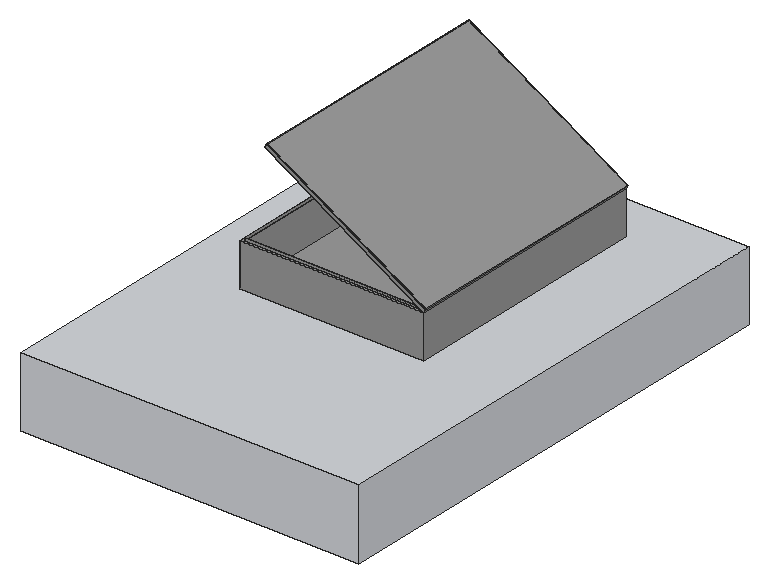
Revit family "Hager-Univers-IP44-D205-H1100-Cl.I-Encl-AT-de", category Equipement électrique, Revit 2020
Family settings
  Hôte = Face
  Configuration du panneau = Deux colonnes, circuits au sein
  Cote de connecteur circulaire = Utiliser le diamètre
  Type d'élément = Tableau de raccordement
  Couper avec des vides une fois chargée = Non
  Partagée = Non
  Point de calcul de pièce = Non
Parameters (values of type "Aufputz IP44 B800 H1100 T205  - FP73TN2")
  Width Control [instance] = if([EF000008 - Breite] > Min Width, [EF000008 - Breite], Min Width)  # 800 mm
  Commentaires du type = [HG000003 - Bereich]  # "Univers"
  Thickness Door [instance] = if([EF009171 - Materialstärke Tür/Deckel] > 3 mm, 3 mm, [EF009171 - Materialstärke Tür/Deckel])  # 1 mm
  Seal Frame Offset [instance] = 17 mm  # constant formula
  Plinth Visibility [instance] = [HG000027 - Sockelhöhe] > 0 mm  # no
  Model = ""
  Min Width [instance] = 100 mm  # constant formula
  Min Height [instance] = 100 mm  # constant formula
  Min Depth [instance] = (2 * [EF009170 - Materialstärke Gehäuse]) + 1 mm  # 3 mm
  Internal Frame Depth [instance] = (Door System Depth * 0.5)  # 9 mm
  Height Control [instance] = if([EF000040 - Höhe] > Min Height, [EF000040 - Höhe], Min Height)  # 1100 mm
  HG000027 - Sockelhöhe = 0 mm
  HG000026 - Stehend auf dem Boden = no
  HG000024 - Höhe des unteren Teils = 800 mm
  HG000023 - Gehäuse mit doppeltem Querschnitt = no
  HG000016 - 3D-Türsichtbarkeit [instance] = yes
  HG000015 - Sichtbarkeit der Türöffnung [instance] = no
  HG000014 - Tür rechts [instance] = yes
  HG000013 - Tür links [instance] = not([HG000014 - Tür rechts])  # no
  HG000012 - Türschwenkwinkel [instance] = 30.00°
  HG000010 - Asymmetrische Türen = no
  HG000009 - Doppelflügeligen Tür = no
  HG000006 - Unterputz = no
  HG000004 - Herstellerreferenz = "FP73TN2"
  HG000003 - Bereich = "Univers"
  HG000002 - Mit tür = yes
  Frame Offset Bottom [instance] = 10 mm  # constant formula
  Frame Offset [instance] = 15 mm  # constant formula
  EF015940 - Deckel mit Überdruckentlastung = no
  EF011959 - Schutzart (NEMA) = ""
  EF009554 - Anzahl der Öffnungen für Flanschplatten = 6
  Fabricant = "Hager"  # constant formula
  EF009212 - Ausführung Deckel = "EV000116 - geschlossen"
  EF009171 - Materialstärke Tür/Deckel = 1 mm
  EF009170 - Materialstärke Gehäuse = 1 mm
  EF008873 - Nennstrom (In) = 250 A
  EF007800 - Geeignet für Blitzschutz = no
  EF006306 - Mit Schloss = no
  EF006244 - Transparenter Deckel/Tür = no
  EF005474 - Schutzart (IP) = "EV006418 - IP44"
  EF004464 - Art der Tür = "EV002646 - Einzel"
  EF004427 - Anzahl der Module = 252
  EF004293 - Schlagfestigkeit = "EV006815 - IK09"
  EF003532 - Geeignet für Außengebrauch = no
  EF002950 - Breite in Teilungseinheiten = 36
  EF001613 - Funktionserhalt = "EV000494 - ohne"
  EF001596 - Werkstoff des Gehäuses = "EV000179 - Stahl"
  EF001131 - Innentiefe = 130 mm
  EF001088 - Anbaumöglichkeit = yes
  EF000437 - Anzahl der Leitungseinführungen = 6
  EF000339 - Art der Abdeckung = "EV001012 - Deckel"
  EF000266 - Anzahl der Reihen = 7
  EF000218 - Einbautiefe = 205 mm
  EF000118 - Mit Montageplatte = no
  EF000116 - RAL-Nummer = "9010"
  EF000049 - Tiefe = 205 mm
  EF000040 - Höhe = 1100 mm
  EF000008 - Breite = 800 mm
  EF000007 - Farbe = "EV000202 - weiß"
  EF000003 - Montageart = "EV000384 - Aufputz"
  Door System Leaf Tolerance [instance] = 1.5 mm  # constant formula
  Door System Depth [instance] = 18 mm  # constant formula
  Door Height [instance] = Height Control - [HG000027 - Sockelhöhe]  # 1100 mm
  Depth Control [instance] = if([EF000049 - Tiefe] > Min Depth, [EF000049 - Tiefe], Min Depth)  # 205 mm
  Default Elevation = 0 mm
  Connector Offset [instance] = Height Control / 2  # 550 mm
  Bottom Top Plate Trim [instance] = 1.5 mm  # constant formula
  Plinth height Ctrl [instance] = if([HG000027 - Sockelhöhe] > 0 mm, [HG000027 - Sockelhöhe], 12 mm)  # 12 mm
Types (4, lengths in mm): name | Width Control | HG000010 - Asymmetrische Türen | HG000009 - Doppelflügeligen Tür | HG000004 - Herstellerreferenz | EF009554 - Anzahl der Öffnungen für Flanschplatten | EF004464 - Art der Tür | EF004427 - Anzahl der Module | EF002950 - Breite in Teilungseinheiten | EF000437 - Anzahl der Leitungseinführungen | EF000008 - Breite
  Aufputz IP44 B1050 H1100 T205  - FP74TN2 | 1050 | no | yes | "FP74TN2" | 8 | "EV003602 - Doppel" | 336 | 48 | 8 | 1050
  Aufputz IP44 B1300 H1100 T205  - FP75TN2 | 1300 | yes | yes | "FP75TN2" | 10 | "EV003602 - Doppel" | 420 | 60 | 10 | 1300
  Aufputz IP44 B550 H1100 T205  - FP72TN2 | 550 | no | no | "FP72TN2" | 4 | "EV002646 - Einzel" | 168 | 24 | 4 | 550
  Aufputz IP44 B800 H1100 T205  - FP73TN2 | 800 | no | no | "FP73TN2" | 6 | "EV002646 - Einzel" | 252 | 36 | 6 | 800
Reference planes
  plane 1 "Center (Front/Back)": y = 0
  plane 2: z = 0
  plane 3 "Center (Left/Right)": x = 0
  plane 4: z = 205
  plane 5: y = 1
  plane 6: y = 550
  plane 7: y = 0
  plane 8: y = 1100
  plane 9: z = 0
  plane 10: x = -385
  plane 11: x = 385
  plane 12: x = 384
  plane 13: x = -384
  plane 14: y = 1099
  plane 15: x = -383
  plane 16: x = -400
  plane 17: x = 383
  plane 18: x = 400
  plane 19: x = 399
  plane 20: x = -399
  plane 21: y = 11
  plane 22: y = 1100
  plane 23: y = 1084
  plane 24: z = 187
  plane 25: z = 1
  plane 26: z = 186
  plane 27: z = 204
Forms (mm)
  Extrusion 1, solid
    sketch origin (0, 0, 0) x (1, 0, 0) y (0, 1, 0)
      loop
        line (-702.964, 1305) -> (-702.964, -811.445) -> (766.763, -811.445) -> (766.763, 1305) -> (-702.964, 1305)
    from 0 to -304.8
  Extrusion 2, solid, material "Hager_Steel_RAL7035_Light_Grey", visible <- "Plinth Visibility", detail levels medium+fine
    sketch origin (0, 0, 0) x (1, 0, 0) y (0, 1, 0)
      loop
        line (-400, 0) -> (400, 0) -> (400, 12) -> (-400, 12) -> (-400, 0)
    from 0 to 187
  Extrusion 3, solid, material "Hager_Steel_RAL7035_Light_Grey", detail levels medium+fine
    sketch origin (0, 0, 0) x (1, 0, 0) y (0, 1, 0)
      loop
        line (-400, 0) -> (400, 0) -> (400, 1100) -> (-400, 1100) -> (-400, 0)
    from 0 to 187
  Extrusion 4, void
    sketch origin (0, 0, 0) x (1, 0, 0) y (0, 1, 0)
      loop
        line (-399, 1) -> (399, 1) -> (399, 1099) -> (-399, 1099) -> (-399, 1)
    from 1 to 186
  Extrusion 5, void
    sketch origin (-381.607, -4572, 187) x (0, -1, 0) y (-1, 0, 0)
      loop
        line (-4583, 2.393) -> (-5656, 2.393) -> (-5656, -765.607) -> (-4583, -765.607) -> (-4583, 2.393)
    from 0 to 1 <- "EF009170 - Materialstärke Gehäuse"
  Extrusion 6, solid, material "Hager_Steel_RAL7035_Light_Grey", detail levels fine
    sketch origin (0, 0, 187) x (1, 0, 0) y (0, 1, 0)
      loop
        line (-384, 1084) -> (-384, 11) -> (384, 11) -> (384, 1084) -> (-384, 1084)
      loop
        line (-385, 10) -> (385, 10) -> (385, 1085) -> (-385, 1085) -> (-385, 10)
    from 0 to 9 <- "Internal Frame Depth"
  Extrusion 7, solid, material "Hager_Steel_RAL7035_Light_Grey", detail levels coarse
    sketch origin (0, 0, 0) x (1, 0, 0) y (0, 1, 0)
      loop
        line (-400, 0) -> (400, 0) -> (400, 1100) -> (-400, 1100) -> (-400, 0)
    from 0 to 205
  Sweep 8, void
    path in 3D
      loop
        line (-400, 12, 0) -> (400, 12, 0) -> (400, 12, 187) -> (-400, 12, 187) -> (-400, 12, 0)
    profile origin (-400, 12, 93.5) x (-1, 0, 0) y (0, -1, 0)
      loop
        line (0, 0) -> (0, 1.5) -> (-1.5, 1.5)
        arc (-1.5, 1.5) -> (-1.061, 0.439) -> (0, 0) r 1.5
Cuts and joins
  Extrusion 4, Extrusion 5 cuts Extrusion 3
  Sweep 8 cuts Extrusion 2
Lines and regions (mm)
  Masking region 1
    outline origin (0, 0, 0) x (1, 0, 0) y (0, 0, 1)
      loop
        line (-400, 205) -> (-400, 0) -> (400, 0) -> (400, 205) -> (-400, 205)
  Masking region 2, detail levels medium+fine
    outline origin (0, 140, 0) x (0, 1, 0) y (0, 0, 1)
      loop
        line (-140, 0) -> (960, 0) -> (960, 187) -> (-140, 187) -> (-140, 0)
  Masking region 3, not visible, detail levels medium+fine
    outline origin (0, 297.922, 0) x (0, 1, 0) y (0, 0, 1)
      loop
        line (263.578, 0) -> (303.578, 0) -> (303.578, 194)
        arc (303.578, 194) -> (300.649, 201.071) -> (293.578, 204) r 10
        line (293.578, 204) -> (263.578, 204) -> (263.578, 0)
  Masking region 4, detail levels coarse
    outline origin (0, 0, 180) x (0, 1, 0) y (0, 0, 1)
      loop
        line (0, -180) -> (1100, -180) -> (1100, 25) -> (0, 25) -> (0, -180)
  Masking region 5, visible <- "Plinth Visibility", detail levels medium+fine
    outline origin (0, 52.24, 12.345) x (0, 0, -1) y (0, 1, 0)
      loop
        line (10.845, -40.24) -> (-173.155, -40.24)
        arc (-173.155, -40.24) -> (-173.594, -41.301) -> (-174.655, -41.74) r 1.5
        line (-174.655, -41.74) -> (-174.655, -52.24) -> (12.345, -52.24) -> (12.345, -41.74)
        arc (12.345, -41.74) -> (11.285, -41.301) -> (10.845, -40.24) r 1.5
  Masking region 6, detail levels medium+fine
    outline origin (-381.607, -4572, 187) x (-1, 0, 0) y (0, -1, 0)
      loop
        line (18.393, -5672) -> (18.393, -4572) -> (-781.607, -4572) -> (-781.607, -5672) -> (18.393, -5672)
  Masking region 7, visible <- "Plinth Visibility", detail levels medium+fine
    outline origin (-381.607, -4727, 187) x (-1, 0, 0) y (0, -1, 0)
      loop
        arc (16.893, -4739) -> (17.332, -4737.939) -> (18.393, -4737.5) r 1.5
        line (18.393, -4737.5) -> (18.393, -4727) -> (-781.607, -4727) -> (-781.607, -4737.5)
        arc (-781.607, -4737.5) -> (-780.546, -4737.939) -> (-780.107, -4739) r 1.5
        line (-780.107, -4739) -> (16.893, -4739)
  Masking region 8, detail levels coarse
    outline origin (-442.548, -4669.526, 187) x (-1, 0, 0) y (0, -1, 0)
      loop
        line (-42.548, -5769.526) -> (-42.548, -4669.526) -> (-842.548, -4669.526) -> (-842.548, -5769.526) -> (-42.548, -5769.526)
  sketch lines
    curve 1: line (-400, 12, 187) -> (-400, 12, 0)
    curve 2: line (400, 12, 187) -> (-400, 12, 187)
    curve 3: line (400, 12, 187) -> (400, 12, 0)
    curve 4: line (-400, 12, 0) -> (400, 12, 0)
Dimensions and locks
  "Depth Control": plane 4 to Extrusion 1
  "HG000027 - Sockelhöhe": plane 1 "Center (Front/Back)" to plane 7
  "EF009170 - Materialstärke Gehäuse": plane 5 to plane 7
  locked: connector elem to plane 3 "Center (Left/Right)"
  equal spacing: plane 8, plane 6, plane 7
  locked: connector elem to plane 6
  "EF009170 - Materialstärke Gehäuse": plane 8 to plane 14
  "EF009170 - Materialstärke Gehäuse": plane 10 to plane 13
  "EF009170 - Materialstärke Gehäuse": plane 12 to plane 11
  "Frame Offset": plane 20 to plane 13
  "Frame Offset": plane 12 to plane 19
  "EF009170 - Materialstärke Gehäuse": plane 16 to plane 20
  "EF009170 - Materialstärke Gehäuse": plane 19 to plane 18
  "Seal Frame Offset": plane 16 to plane 15
  "Seal Frame Offset": plane 17 to plane 18
  "Frame Offset Bottom": plane 21 to plane 5
  "Frame Offset": plane 14 to plane 23
  equal spacing: plane 16, plane 3 "Center (Left/Right)", plane 18
  "Width Control": plane 16 to plane 18
  "EF009170 - Materialstärke Gehäuse": plane 4 to plane 27
  "EF009170 - Materialstärke Gehäuse": plane 24 to plane 26
  "EF009170 - Materialstärke Gehäuse": plane 25 to level
  "Door System Depth": plane 4 to plane 24
  "Height Control": plane 1 "Center (Front/Back)" to Extrusion 7 sketch curve
  "Height Control": Masking region 4 sketch curve to plane 1 "Center (Front/Back)"
  "Height Control": plane 1 "Center (Front/Back)" to plane 22
  "Bottom Top Plate Trim": profile plane to Sweep 8 sketch curve
  "Bottom Top Plate Trim": Sweep 8 sketch curve to profile plane
  "Plinth height Ctrl": plane 1 "Center (Front/Back)" to Extrusion 2 sketch curve
  "Plinth height Ctrl": Masking region 5 sketch curve to plane 1 "Center (Front/Back)"
  "Plinth height Ctrl": plane 1 "Center (Front/Back)" to Masking region 7 sketch curve
  "Thickness Door": Extrusion 6 sketch curve to Extrusion 6 sketch curve  (x3)
  "Thickness Door": cut or joined group of Extrusion 3, Extrusion 4, Extrusion 5 to Extrusion 6 sketch curve
  radius of Masking region 3 sketch curve = 10 mm
  "Bottom Top Plate Trim": radius of Masking region 5 sketch curve  (x2)
  "Bottom Top Plate Trim": radius of Sweep 8 sketch curve
  "Bottom Top Plate Trim": radius of Masking region 7 sketch curve  (x2)
  aligned and locked: plane 2 to Extrusion 1
  aligned and locked: level to Extrusion 1
  aligned and locked: level to Masking region 1 sketch curve
  aligned and locked: Masking region 1 sketch curve to plane 18
  aligned and locked: Masking region 1 sketch curve to plane 16
  aligned and locked: plane 7 to Masking region 2 sketch curve
  aligned and locked: level to Masking region 3 sketch curve
  aligned and locked: Masking region 3 sketch curve to plane 27
  aligned and locked: level to Masking region 2 sketch curve
  aligned and locked: plane 1 "Center (Front/Back)" to Extrusion 2 sketch curve
  aligned and locked: Extrusion 3 sketch curve to plane 7
  aligned and locked: plane 16 to Extrusion 3 sketch curve
  aligned and locked: plane 18 to Extrusion 3 sketch curve
  aligned and locked: plane 20 to Extrusion 4 sketch curve
  aligned and locked: plane 19 to Extrusion 4 sketch curve
  aligned and locked: Extrusion 4 sketch curve to plane 5
  aligned and locked: Extrusion 4 to plane 25
  aligned and locked: plane 26 to Extrusion 4
  aligned and locked: plane 24 to Extrusion 3
  aligned and locked: Extrusion 5 sketch curve to plane 21
  aligned and locked: Extrusion 5 sketch curve to plane 13
  aligned and locked: Extrusion 5 sketch curve to plane 12
  aligned and locked: plane 18 to Extrusion 7 sketch curve
  aligned and locked: plane 1 "Center (Front/Back)" to Extrusion 7 sketch curve
  aligned and locked: plane 16 to Extrusion 7 sketch curve
  aligned and locked: plane 4 to Extrusion 7
  aligned and locked: Extrusion 7 to level
  aligned and locked: level to Masking region 4 sketch curve
  aligned and locked: Masking region 4 sketch curve to plane 1 "Center (Front/Back)"
  aligned and locked: Masking region 4 sketch curve to plane 4
  aligned and locked: nested 1 to level
  aligned and locked: nested 1 to plane 16
  aligned and locked: plane 8 to Extrusion 3 sketch curve
  aligned and locked: plane 23 to Extrusion 5 sketch curve
  aligned and locked: plane 14 to Extrusion 4 sketch curve
  aligned and locked: Masking region 2 sketch curve to plane 8
  aligned and locked: level to Masking region 5 sketch curve
  aligned and locked: plane 16 to Extrusion 2 sketch curve
  aligned and locked: plane 18 to Extrusion 2 sketch curve
  aligned and locked: Masking region 5 sketch curve to plane 24
  aligned and locked: Masking region 2 sketch curve to plane 24
  aligned and locked: plane 24 to Extrusion 2
  aligned and locked: profile plane to Sweep 8 sketch curve  (x2)
  aligned and locked: Masking region 6 sketch curve to plane 18
  aligned and locked: Masking region 6 sketch curve to plane 22
  aligned and locked: Masking region 6 sketch curve to plane 16
  aligned and locked: plane 8 to plane 22
  aligned and locked: Masking region 6 sketch curve to plane 7
  aligned and locked: Masking region 7 sketch curve to plane 16
  aligned and locked: Masking region 7 sketch curve to plane 1 "Center (Front/Back)"
  aligned and locked: Masking region 7 sketch curve to plane 18
  aligned and locked: Masking region 8 sketch curve to plane 1 "Center (Front/Back)"
  aligned and locked: Masking region 8 sketch curve to plane 18
  aligned and locked: Masking region 8 sketch curve to plane 22
  aligned and locked: Masking region 8 sketch curve to plane 16
  aligned and locked: nested 2 to plane 7
  aligned and locked: plane 3 "Center (Left/Right)" to nested 2
  aligned and locked: nested 2 to plane 24
  aligned and locked: Extrusion 6 sketch curve to cut or joined group of Extrusion 3, Extrusion 4, Extrusion 5  (x4)
Automatic sketch dimensions
  Extrusion 1 sketch curve to Extrusion 1 sketch curve = 1469.727 mm
  Extrusion 1 sketch curve to Extrusion 1 sketch curve = 2116.445 mm
  Masking region 1 sketch curve to plane 4 = 0 mm
  plane 6 to Masking region 3 sketch curve = 11.5 mm
  Masking region 3 sketch curve to Masking region 3 sketch curve = 30 mm
  Masking region 5 sketch curve to plane 1 "Center (Front/Back)" = 0 mm
Nested families
  nested 1: "Hager_Enclosure_Symbol" at (-400, 0, 0) x (1, 0, 0) z (0, -1, 0), Height <- "Depth Control", Width <- "Width Control", type "Hager_Enclosure_Symbol"
    with Width_Ctrl 800 mm, Width 800 mm, Height_Ctrl 205 mm, Height 205 mm, A_Width_Int 13.453 mm, A_Width 161.438 mm, A_Height_Ctrl 179.375 mm, A_Height 179.375 mm
  nested 2: "EC000058_Univers_Door" at (0, 0, 187) x (1, 0, 0) z (0, 1, 0), Leaf_Tolerance <- "Door System Leaf Tolerance", Angle <- "HG000012 - Türschwenkwinkel", Door_Depth <- "Door System Depth", Door_Left <- "HG000013 - Tür links", Transparent <- "EF006244 - Transparenter Deckel/Tür", Assymetrical <- "HG000010 - Asymmetrische Türen", Width <- "Width Control", Clearance <- "HG000015 - Sichtbarkeit der Türöffnung", Double <- "HG000009 - Doppelflügeligen Tür", 3d_Door <- "HG000016 - 3D-Türsichtbarkeit", Lock_Visibility <- "EF006306 - Mit Schloss", Width_Ctrl <- "Width Control", Door_Right <- "HG000014 - Tür rechts", Door <- "HG000002 - Mit tür", Height <- "Door Height", Thickness <- "Thickness Door", type "EC000058_Univers_Door", detail levels medium+fine
    with min_wh 3 mm, Width_Ctrl 800 mm, Width 800 mm, Transparent no, Thickness 1 mm, Seal_Material Hager_Rubber, Lock_Visibility no, Lock_Material Hager_Plastic_RAL9005_Jet_Black, Leaf_Width 800 mm, Leaf_Tolerance_External_Sides 0 mm, Leaf_Tolerance 1.5 mm, Leaf_Offset 0 mm, Leaf_Height 1097 mm, Leaf_2_Width 800 mm, Leaf_2_Offset 400 mm, Leaf_1_Width 800 mm, Leaf_1_Offset 400 mm, Height_Ctrl 1100 mm, Height 1100 mm, Glass_Material Hager_Glass, Double_Clearance_Ctrl no, Double no, Door_Right_Ctrl yes, Door_Right yes, Door_Material Hager_Steel_RAL7035_Light_Grey, Door_Left_Ctrl no, Door_Left no, Door_Depth 18 mm, Door yes, Clearance_Material Hager_Clearance, Clearance_Depth 800 mm, Clearance_Ctrl no, Clearance no, Assymetrical no, Angle 30.00°, 3d_Door yes
Connectors
  electrical at (0, 550, 0)
    settings: on plane 9, index 1, voltage 0 V, apparent load 0 VA, apparent load phase1 0 VA, apparent load phase2 0 VA, apparent load phase3 0 VA, power factor 1, load classification "Other", number of poles 1, system type 30, power factor state 1, is connector primary yes, connector utility no, sub classification motor no, connector description ""
Definition of nested family "EC000058_Univers_Door"
  Parameters (values of type "EC000058_Univers_Door")
    min_wh [instance] = (2 * Thickness) + 1 mm  # 11 mm
    Width_Ctrl [instance] = 400 mm
    Width [instance] = 500 mm
    Transparent [instance] = yes
    Thickness [instance] = 5 mm
    Seal_Material [instance] = none
    Lock_Visibility [instance] = yes
    Lock_Material [instance] = none
    Leaf_Width [instance] = if((Width_Ctrl - 2 * Leaf_Tolerance_External_Sides) > 0 mm, (Width_Ctrl - 2 * Leaf_Tolerance_External_Sides), min_wh)  # 400 mm
    Leaf_Tolerance_External_Sides [instance] = 0 mm  # constant formula
    Leaf_Tolerance [instance] = 1.5 mm
    Leaf_Offset [instance] = 0 mm  # constant formula
    Leaf_Height [instance] = if((Height_Ctrl - 2 * Leaf_Tolerance) > 0 mm, (Height_Ctrl - 2 * Leaf_Tolerance), min_wh)  # 497 mm
    Leaf_2_Width [instance] = if(and(and(Double, Assymetrical), Door_Left), (Leaf_Width / 3) - (Leaf_Tolerance / 2), if(and(and(Double, Assymetrical), Door_Right), (Leaf_Width / 3) * 2 - (Leaf_Tolerance / 2), if(and(Double, not(Assymetrical)), (Leaf_Width / 2) - Leaf_Tolerance, Leaf_Width)))  # 400 mm
    Leaf_2_Offset [instance] = if(and(Double, Assymetrical), Leaf_2_Width / 2, if(and(Double, not(Assymetrical)), Leaf_Width / 4, Leaf_Width / 2))  # 200 mm
    Leaf_1_Width [instance] = if(and(and(Double, Assymetrical), Door_Right), (Leaf_Width / 3) - (Leaf_Tolerance / 2), if(and(and(Double, Assymetrical), Door_Left), (Width / 3) * 2 - (Leaf_Tolerance / 2), if(and(Double, not(Assymetrical)), (Leaf_Width / 2) - Leaf_Tolerance, Leaf_Width)))  # 400 mm
    Leaf_1_Offset [instance] = if(and(Double, Assymetrical), Leaf_1_Width / 2, if(and(Double, not(Assymetrical)), Leaf_Width / 4, Leaf_Width / 2))  # 200 mm
    Height_Ctrl [instance] = if(Height > min_wh, Height, min_wh)  # 500 mm
    Height [instance] = 500 mm
    Glass_Material [instance] = none
    Double_Clearance_Ctrl [instance] = and(Double, Clearance)  # no
    Double [instance] = no
    Door_Right_Ctrl [instance] = and(or(Door_Right, Double), Door)  # yes
    Door_Right [instance] = yes
    Door_Material [instance] = none
    Door_Left_Ctrl [instance] = and(or(Door_Left, Double), Door)  # no
    Door_Left [instance] = no
    Door_Depth [instance] = 30 mm
    Door [instance] = yes
    Default Elevation = 1219.2 mm
    Clearance_Material [instance] = none
    Clearance_Depth [instance] = if(Leaf_1_Width > Leaf_2_Width, Leaf_1_Width, Leaf_2_Width)  # 400 mm
    Clearance_Ctrl [instance] = and(not(Double), Clearance)  # yes
    Clearance [instance] = yes
    Assymetrical [instance] = yes
    Angle [instance] = 30.00°
    3d_Door [instance] = yes
  Reference planes
    plane 1 "Center (Front/Back)": y = 0
    plane 2 "Bottom": z = 0
    plane 3 "Center (Left/Right)": x = 0
    plane 4: z = 500
    plane 5: x = -200
    plane 6: x = 200
    plane 7: z = 500
    plane 8: x = -200
    plane 9: z = 0
    plane 10: x = 200
    plane 11: y = 0
    plane 12: z = 1.5
    plane 13: x = -600
    plane 14: y = -400
    plane 15: x = 600
    plane 16: x = 0
    plane 17: x = 0
    plane 18: x = -200
    plane 19: x = 200
    plane 20: z = 498.5
  Forms (mm)
    Extrusion 1, solid, material <- "Clearance_Material", visible <- "Double_Clearance_Ctrl"
      sketch origin (1200, 0, 0) x (1, 0, 0) y (0, 0, -1)
        loop
          line (-1800, -498.5) -> (-600, -498.5) -> (-600, 0) -> (-1800, 0) -> (-1800, -498.5)
      from 0 to -400
  Dimensions and locks
    equal spacing: plane 5, plane 3 "Center (Left/Right)", plane 6
    "Width_Ctrl": plane 5 to plane 6
    "Leaf_Offset": plane 5 to plane 8
    "Leaf_Offset": plane 6 to plane 10
    "Leaf_Offset": plane 9 to level
    "Leaf_Offset": plane 4 to plane 7
    "Height_Ctrl": plane 4 to level
    "Leaf_Tolerance": plane 12 to plane 9
    locked: plane 11 to plane 1 "Center (Front/Back)"
    "Leaf_1_Offset": plane 18 to plane 16
    "Leaf_2_Offset": plane 17 to plane 19
    "Leaf_1_Width": plane 13 to plane 8
    "Leaf_2_Width": plane 10 to plane 15
    "Clearance_Depth": plane 14 to plane 1 "Center (Front/Back)"
    "Leaf_Tolerance_External_Sides": plane 8 to plane 18
    "Leaf_Tolerance_External_Sides": plane 19 to plane 10
    "Leaf_Tolerance": plane 7 to plane 20
    aligned and locked: level to plane 2 "Bottom"
    aligned and locked: nested 1 to plane 16
    aligned and locked: nested 2 to plane 17
    aligned and locked: Extrusion 1 to plane 13
    aligned and locked: plane 15 to Extrusion 1
    aligned and locked: Extrusion 1 to plane 14
    aligned and locked: plane 12 to nested 1
    aligned and locked: nested 2 to plane 12
    aligned and locked: Extrusion 1 to plane 11
    aligned and locked: plane 20 to Extrusion 1
    aligned and locked: nested 2 to plane 11
    aligned and locked: nested 1 to plane 11
  Automatic sketch dimensions
    Extrusion 1 sketch curve to level = 0 mm
    plane 5 to Extrusion 1 sketch curve = 400 mm
    plane 6 to Extrusion 1 sketch curve = 400 mm
    Extrusion 1 sketch curve to plane 4 = 1.5 mm
  Nested families
    nested 1: "EC000058_Univers_Door_Leaf" at (0, 0, 1.5), Width <- "Leaf_1_Width", visible <- "Door_Left_Ctrl", Leaf_Height <- "Leaf_Height", Angle <- "Angle", 3d_Door <- "3d_Door", Transparent <- "Transparent", Clearance Material <- "Clearance_Material", Clearance <- "Clearance_Ctrl", Door_Material <- "Door_Material", Glass_Material <- "Glass_Material", Door_Depth <- "Door_Depth", Lock_Material <- "Lock_Material", Seal_Material <- "Seal_Material", Lock_Visibility <- "Lock_Visibility", Thickness <- "Thickness", type "EC000058_Univers_Door_Leaf"
      with Width 400 mm, Transparent_Glass_Offset 30 mm, Transparent_Ctrl yes, Transparent yes, Thickness 5 mm, Standard no, Seal_Material none, Seal_D2 8 mm, Seal_D1 1 mm, Offset_Internal_Frame 10 mm, Lock_Width 20 mm, Lock_Visibility_3d yes, Lock_Visibility yes, Lock_Thickness_3 3 mm, Lock_Thickness_2 1 mm, Lock_Thickness_1 3 mm, Lock_Radius_Offset_2 16 mm, Lock_Radius_Offset_1 15 mm, Lock_Radius_2 5 mm, Lock_Radius 6 mm, Lock_Offset 5 mm, Lock_Material none, Lock_Height 80 mm, Lock_Cover_Top_Offset_2d 17 mm, Lock_Cover_Height -65 mm, Leaf_Height 497 mm, Internal_Seal_Thickness 8 mm, Internal_Seal_Depth_2 4.5 mm, Internal_Frame_Depth 25 mm, Glass_Thickness -1 mm, Glass_Offset -2 mm, Glass_Material none, Door_Material none, Door_Depth 30 mm, Clearance Material none, Clearance yes, Angle_Ctrl 30.00°, Angle 30.00°, 3d_Door yes
    nested 2: "EC000058_Univers_Door_Leaf" at (0, 0, 1.5) x (-1, 0, 0) z (0, 0, 1), Width <- "Leaf_2_Width", visible <- "Door_Right_Ctrl", Leaf_Height <- "Leaf_Height", Angle <- "Angle", 3d_Door <- "3d_Door", Transparent <- "Transparent", Clearance Material <- "Clearance_Material", Clearance <- "Clearance_Ctrl", Door_Material <- "Door_Material", Glass_Material <- "Glass_Material", Door_Depth <- "Door_Depth", Lock_Material <- "Lock_Material", Seal_Material <- "Seal_Material", Lock_Visibility <- "Lock_Visibility", Thickness <- "Thickness", type "EC000058_Univers_Door_Leaf"
      with Width 400 mm, Transparent_Glass_Offset 30 mm, Transparent_Ctrl yes, Transparent yes, Thickness 5 mm, Standard no, Seal_Material none, Seal_D2 8 mm, Seal_D1 1 mm, Offset_Internal_Frame 10 mm, Lock_Width 20 mm, Lock_Visibility_3d yes, Lock_Visibility yes, Lock_Thickness_3 3 mm, Lock_Thickness_2 1 mm, Lock_Thickness_1 3 mm, Lock_Radius_Offset_2 16 mm, Lock_Radius_Offset_1 15 mm, Lock_Radius_2 5 mm, Lock_Radius 6 mm, Lock_Offset 5 mm, Lock_Material none, Lock_Height 80 mm, Lock_Cover_Top_Offset_2d 17 mm, Lock_Cover_Height -65 mm, Leaf_Height 497 mm, Internal_Seal_Thickness 8 mm, Internal_Seal_Depth_2 4.5 mm, Internal_Frame_Depth 25 mm, Glass_Thickness -1 mm, Glass_Offset -2 mm, Glass_Material none, Door_Material none, Door_Depth 30 mm, Clearance Material none, Clearance yes, Angle_Ctrl 30.00°, Angle 30.00°, 3d_Door yes
  Definition of nested family "EC000058_Univers_Door_Leaf"
    Parameters (values of type "EC000058_Univers_Door_Leaf")
      Width [instance] = 2000 mm
      Transparent_Glass_Offset [instance] = 30 mm
      Transparent_Ctrl [instance] = and(Transparent, [3d_Door])  # yes
      Transparent [instance] = yes
      Thickness [instance] = 5 mm
      Standard [instance] = and(not(Transparent), [3d_Door])  # no
      Seal_Material [instance] = none
      Seal_D2 [instance] = 8 mm  # constant formula
      Seal_D1 [instance] = 1 mm  # constant formula
      Offset_Internal_Frame [instance] = 10 mm  # constant formula
      Lock_Width [instance] = 20 mm  # constant formula
      Lock_Visibility_3d [instance] = and(Lock_Visibility, [3d_Door])  # yes
      Lock_Visibility [instance] = yes
      Lock_Thickness_3 [instance] = 3 mm  # constant formula
      Lock_Thickness_2 [instance] = 1 mm  # constant formula
      Lock_Thickness_1 [instance] = 3 mm  # constant formula
      Lock_Radius_Offset_2 [instance] = Lock_Radius_Offset_1 + 1 mm  # 16 mm
      Lock_Radius_Offset_1 [instance] = 15 mm  # constant formula
      Lock_Radius_2 [instance] = Lock_Radius - 1 mm  # 5 mm
      Lock_Radius [instance] = 6 mm  # constant formula
      Lock_Offset [instance] = 5 mm  # constant formula
      Lock_Material [instance] = none
      Lock_Height [instance] = 80 mm  # constant formula
      Lock_Cover_Top_Offset_2d [instance] = Lock_Radius_Offset_2 + 1 mm  # 17 mm
      Lock_Cover_Height [instance] = -(Lock_Height - Lock_Radius_Offset_1)  # -65 mm
      Leaf_Height [instance] = 2720.336 mm
      Internal_Seal_Thickness [instance] = 8 mm  # constant formula
      Internal_Seal_Depth_2 [instance] = 4.5 mm  # constant formula
      Internal_Frame_Depth [instance] = if(Door_Depth - Thickness > 5 mm, Door_Depth - Thickness, 5 mm)  # 25 mm
      Glass_Thickness [instance] = if(Thickness > 15 mm, Glass_Offset + 10 mm, -1 mm)  # -1 mm
      Glass_Offset [instance] = if(Thickness > 15 mm, -(Thickness + 10 mm) / 2, -2 mm)  # -2 mm
      Glass_Material [instance] = none
      Door_Material [instance] = none
      Door_Depth [instance] = 30 mm
      Default Elevation = 0 mm
      Clearance Material [instance] = none
      Clearance [instance] = yes
      Angle_Ctrl [instance] = if(Angle > 180.00°, 180.00°, Angle)  # 90.00°
      Angle [instance] = 90.00°
      3d_Door [instance] = yes
    Reference planes
      plane 1 "Center (Front/Back)": y = 0
      plane 2: z = 0
      plane 3 "Center (Left/Right)": x = 0
      plane 4: y = 2000
      plane 5: x = -1000
      plane 6: x = 1000
      plane 7: x = -3000
      plane 8: z = 2720.336
      plane 9: z = 30
      plane 10: z = 2690.336
      plane 11: x = 970
      plane 12: x = -970
      plane 13: y = -3
      plane 14: z = 107.833
      plane 15: y = -5
      plane 16: y = -223.314
      plane 17: x = -1000
      plane 18: z = 1360.168
      plane 19: y = 30
    Forms (mm)
      Extrusion 1, solid, material <- "Clearance Material", visible <- "Clearance"
        sketch origin (0, 0, 0) x (1, 0, 0) y (0, 0, 1)
          loop
            line (-3000, 2720.336) -> (-3000, 0) -> (1000, 0) -> (1000, 2720.336) -> (-3000, 2720.336)
        from 0 to -2000
      Extrusion 2, solid, material <- "Door_Material", visible <- "Standard", detail levels medium+fine
        sketch origin (-1000, 0, 0) x (0, 1, 0) y (-1, 0, 0)
          loop
            line (0, 30) -> (0, 25) -> (2000, 25) -> (2000, 30) -> (0, 30)
        from 0 to 2720.336 <- "Leaf_Height"
      Extrusion 3, solid, material <- "Door_Material", visible <- "Transparent_Ctrl", detail levels medium+fine
        sketch origin (-1000, 0, 0) x (0, 1, 0) y (-1, 0, 0)
          loop
            line (0, 25) -> (2000, 25) -> (2000, 30) -> (0, 30) -> (0, 25)
        from 0 to 2720.336 <- "Leaf_Height"
      Extrusion 4, void
        sketch origin (-1025, 2000, 0) x (0, 1, 0) y (0, 0, -1)
          loop
            line (-30, -2690.336) -> (-30, -30) -> (-1970, -30) -> (-1970, -2690.336) -> (-30, -2690.336)
        from 0 to 5 <- "Thickness"
      Sweep 5, solid, material <- "Seal_Material", visible <- "Transparent_Ctrl", detail levels fine
        path in 3D
          loop
            line (-1025, 30, 30) -> (-1025, 30, 2690.336) -> (-1025, 1970, 2690.336) -> (-1025, 1970, 30) -> (-1025, 30, 30)
        profile origin (-1025, 1000, 30) x (1, 0, 0) y (0, 0, 1)
          loop
            line (0, 0) -> (0, -8) -> (1, -8) -> (1, 0) -> (0, 0)
      Extrusion 6, solid, material <- "Glass_Material", visible <- "Transparent_Ctrl", detail levels medium+fine
        sketch origin (-1030, 0, 0) x (0, 1, 0) y (0, 0, -1)
          loop
            line (1970, -2690.336) -> (1970, -30) -> (30, -30) -> (30, -2690.336) -> (1970, -2690.336)
        from -2 <- "Glass_Offset" to -1 <- "Glass_Thickness"
      Extrusion 7, solid, material <- "Door_Material", visible <- "3d_Door", detail levels medium+fine
        sketch origin (-1025, 2000, 0) x (0, -1, 0) y (0, 0, -1)
          loop
            line (0, -2720.336) -> (2000, -2720.336) -> (2000, 0) -> (0, 0) -> (0, -2720.336)
          loop
            line (1995, -5) -> (5, -5) -> (5, -2715.336) -> (1995, -2715.336) -> (1995, -5)
        from 0 to 25 <- "Internal_Frame_Depth"
      Sweep 8, solid, material <- "Seal_Material", visible <- "Transparent_Ctrl", detail levels fine
        path in 3D
          loop
            line (-1025, 0, 0) -> (-1025, 2000, 0) -> (-1025, 2000, 2720.336) -> (-1025, 0, 2720.336) -> (-1025, 0, 0)
        profile origin (-1025, 0, 1360.168) x (1, 0, 0) y (0, 1, 0)
          loop
            line (0, 10) -> (2.975, 10)
            arc (2.975, 10) -> (4.053, 10.447) -> (4.5, 11.525) r 1.525
            line (4.5, 11.525) -> (4.5, 16.527)
            arc (4.5, 16.527) -> (4.069, 17.569) -> (3.027, 18) r 1.473
            line (3.027, 18) -> (0, 18) -> (0, 10)
      Extrusion 9, solid, material <- "Lock_Material", visible <- "Lock_Visibility_3d", detail levels fine
        sketch origin (-1030, 0, 0) x (0, 1, 0) y (0, 0, -1)
          loop
            arc (1993.5, -1400.168) -> (1994.561, -1399.729) -> (1995, -1398.668) r 1.5
            line (1995, -1398.668) -> (1995, -1320.168) -> (1975, -1320.168) -> (1975, -1398.668)
            arc (1975, -1398.668) -> (1975.439, -1399.729) -> (1976.5, -1400.168) r 1.5
            line (1976.5, -1400.168) -> (1993.5, -1400.168)
        from 3 <- "Lock_Thickness_1" to 0
      Blend 10, solid, material <- "Lock_Material", visible <- "Lock_Visibility_3d", detail levels fine
        base sketch origin (-1033, 0, 0) x (0, 1, 0) y (0, 0, -1)
          loop
            line (1975, -1320.168) -> (1975, -1398.668)
            arc (1975, -1398.668) -> (1975.439, -1399.729) -> (1976.5, -1400.168) r 1.5
            line (1976.5, -1400.168) -> (1993.5, -1400.168)
            arc (1993.5, -1400.168) -> (1994.561, -1399.729) -> (1995, -1398.668) r 1.5
            line (1995, -1398.668) -> (1995, -1320.168) -> (1975, -1320.168)
        top sketch origin (-1033, 0, 0) x (0, 1, 0) y (0, 0, -1)
          loop
            line (1976, -1320.168) -> (1976, -1398.668)
            arc (1976, -1398.668) -> (1976.146, -1399.022) -> (1976.5, -1399.168) r 0.5
            line (1976.5, -1399.168) -> (1993.5, -1399.168)
            arc (1993.5, -1399.168) -> (1993.854, -1399.022) -> (1994, -1398.668) r 0.5
            line (1994, -1398.668) -> (1994, -1320.168) -> (1976, -1320.168)
        from 0 to 1 <- "Lock_Thickness_2"
      Blend 11, solid, material <- "Lock_Material", visible <- "Lock_Visibility_3d", detail levels fine
        base sketch origin (-1034, 0, 0) x (0, 1, 0) y (0, 0, -1)
          loop
            line (1978, -1320.168) -> (1978, -1384.168)
            arc (1978, -1384.168) -> (1985, -1391.168) -> (1992, -1384.168) r 7
            line (1992, -1384.168) -> (1992, -1320.168) -> (1978, -1320.168)
        top sketch origin (-1034, 0, 0) x (0, 1, 0) y (0, 0, -1)
          loop
            line (1991, -1320.168) -> (1979, -1320.168) -> (1979, -1383.168)
            arc (1979, -1383.168) -> (1985, -1389.168) -> (1991, -1383.168) r 6
            line (1991, -1383.168) -> (1991, -1320.168)
        from 0 to 3 <- "Lock_Thickness_3"
      Extrusion 12, solid, material <- "Lock_Material", visible <- "Lock_Visibility_3d", detail levels fine
        sketch origin (-1030, 1975, 1320.168) x (1, 0, 0) y (0, -1, 0)
          loop
            line (-7, -19) -> (-7, -1) -> (0, -1) -> (0, 0) -> (-8, 0) -> (-8, -20) -> (0, -20) -> (0, -19) -> (-7, -19)
        from 0 to -65 <- "Lock_Cover_Height"
      Extrusion 13, void
        sketch origin (-1038, 1995, 1320.168) x (-1, 0, 0) y (0, 0, -1)
          loop
            line (-5, -65) -> (0, -65) -> (-5, -60) -> (-5, -65)
        from 0 to 20 <- "Lock_Width"
      Extrusion 14, void
        sketch origin (-1038, 1975, 1320.168) x (0, -1, 0) y (0, 0, -1)
          loop
            circle (-10, -15.995) r 6
          loop
            circle (-10, -15.995) r 5
        from 0 to 2
      Extrusion 15, solid, material <- "Lock_Material", visible <- "Lock_Visibility_3d", detail levels medium
        sketch origin (-1030, 0, 0) x (0, 1, 0) y (0, 0, -1)
          loop
            arc (1993.5, -1400.168) -> (1994.561, -1399.729) -> (1995, -1398.668) r 1.5
            line (1995, -1398.668) -> (1995, -1320.168) -> (1975, -1320.168) -> (1975, -1398.668)
            arc (1975, -1398.668) -> (1975.439, -1399.729) -> (1976.5, -1400.168) r 1.5
            line (1976.5, -1400.168) -> (1993.5, -1400.168)
        from 8 to 0
    Cuts and joins
      Extrusion 4 cuts Extrusion 3
      Extrusion 13, Extrusion 14 cuts Extrusion 9
      Extrusion 14 cuts Blend 11
      Extrusion 13, Extrusion 14 cuts Extrusion 12
      joined: Extrusion 9, Blend 10, Blend 11, Extrusion 12
      Extrusion 14 cuts Extrusion 15
    Lines and regions (mm)
      Masking region 1, visible <- "Lock_Visibility", detail levels fine
        outline origin (0, 0, 0) x (0, 1, 0) y (0, 0, 1)
          loop
            line (30, 1320.168) -> (33, 1320.168) -> (33, 1400.168) -> (30, 1400.168) -> (30, 1320.168)
      Masking region 2, visible <- "Lock_Visibility", detail levels fine
        outline origin (0, 3.143, 0) x (0, 1, 0) y (0, 0, 1)
          loop
            line (29.857, 1354.168) -> (30.857, 1354.168) -> (30.857, 1366.168) -> (29.857, 1366.168) -> (29.857, 1354.168)
      Masking region 3, detail levels medium+fine
        outline origin (0, 0, 0) x (0, 1, 0) y (0, 0, 1)
          loop
            line (0, 0) -> (30, 0) -> (30, 2720.336) -> (0, 2720.336) -> (0, 0)
      Masking region 4, detail levels medium+fine
        outline origin (0, 0, 0) x (1, 0, 0) y (0, 0, 1)
          loop
            line (-1000, 2720.336) -> (-1000, 0) -> (1000, 0) -> (1000, 2720.336) -> (-1000, 2720.336)
      Masking region 5, visible <- "Lock_Visibility", detail levels fine
        outline origin (-47.116, 0, 0) x (1, 0, 0) y (0, 0, 1)
          loop
            arc (1024.616, 1399.168) -> (1023.556, 1398.729) -> (1023.116, 1397.668) r 1.5
            line (1023.116, 1397.668) -> (1023.116, 1320.168) -> (1041.116, 1320.168) -> (1041.116, 1397.668)
            arc (1041.116, 1397.668) -> (1040.677, 1398.729) -> (1039.616, 1399.168) r 1.5
            line (1039.616, 1399.168) -> (1024.616, 1399.168)
      Masking region 6, visible <- "Lock_Visibility", detail levels medium+fine
        outline origin (-25, 0, 0) x (1, 0, 0) y (0, 0, 1)
          loop
            arc (1001.5, 1400.168) -> (1000.439, 1399.729) -> (1000, 1398.668) r 1.5
            line (1000, 1398.668) -> (1000, 1320.168) -> (1020, 1320.168) -> (1020, 1398.668)
            arc (1020, 1398.668) -> (1019.561, 1399.729) -> (1018.5, 1400.168) r 1.5
            line (1018.5, 1400.168) -> (1001.5, 1400.168)
      Masking region 7, visible <- "Lock_Visibility", detail levels fine
        outline origin (-73.735, 0, 0) x (1, 0, 0) y (0, 0, 1)
          loop
            line (1051.735, 1382.168) -> (1065.735, 1382.168) -> (1065.735, 1384.168)
            arc (1065.735, 1384.168) -> (1058.735, 1391.168) -> (1051.735, 1384.168) r 7
            line (1051.735, 1384.168) -> (1051.735, 1382.168)
      Masking region 8, visible <- "Lock_Visibility", detail levels fine
        outline origin (-73.735, 0, 0) x (1, 0, 0) y (0, 0, 1)
          loop
            line (1052.735, 1382.168) -> (1064.735, 1382.168) -> (1064.735, 1383.168)
            arc (1064.735, 1383.168) -> (1058.735, 1389.168) -> (1052.735, 1383.168) r 6
            line (1052.735, 1383.168) -> (1052.735, 1382.168)
      Masking region 9, visible <- "Lock_Visibility", detail levels fine
        outline origin (-25, 0, 0) x (1, 0, 0) y (0, 0, 1)
          loop
            line (1020, 1320.168) -> (1020, 1382.168) -> (1000, 1382.168) -> (1000, 1320.168) -> (1020, 1320.168)
      Masking region 10, detail levels medium+fine
        outline origin (0, 0, 0) x (1, 0, 0) y (0, 0, 1)
          loop
            circle (985, 1335.144) r 6
      Masking region 11, detail levels fine
        outline origin (0, 0, 0) x (1, 0, 0) y (0, 0, 1)
          loop
            circle (985, 1335.144) r 5
      Masking region 12, visible <- "Lock_Visibility", detail levels fine
        outline origin (0, 12.767, 0) x (0, 1, 0) y (0, 0, 1)
          loop
            line (20.233, 1320.168) -> (21.233, 1320.168) -> (21.233, 1399.168) -> (20.233, 1400.168) -> (20.233, 1320.168)
      Masking region 13, visible <- "Lock_Visibility", detail levels fine
        outline origin (0, 13.767, -10) x (0, 1, 0) y (0, 0, 1)
          loop
            line (20.233, 1330.168) -> (23.233, 1330.168) -> (23.233, 1399.168) -> (20.233, 1402.168) -> (20.233, 1330.168)
      Masking region 14, visible <- "Lock_Visibility", detail levels fine
        outline origin (0, 12.767, -10) x (0, 1, 0) y (0, 0, 1)
          loop
            line (20.233, 1330.168) -> (25.233, 1330.168) -> (25.233, 1399.305) -> (20.233, 1394.305) -> (20.233, 1330.168)
      Masking region 15, visible <- "Lock_Visibility", detail levels medium
        outline origin (0, 0, 0) x (0, 1, 0) y (0, 0, 1)
          loop
            line (30, 1320.168) -> (38, 1320.168) -> (38, 1400.168) -> (30, 1400.168) -> (30, 1320.168)
      Masking region 16, visible <- "Lock_Visibility", detail levels fine
        outline origin (-1000, 0, 0) x (0, 1, 0) y (-1, 0, 0)
          loop
            line (1975, 30) -> (1995, 30) -> (1995, 38) -> (1975, 38) -> (1975, 30)
          loop
            line (1979, 37) -> (1976, 37) -> (1976, 34) -> (1978, 34) -> (1979, 37)
          loop
            line (1994, 37) -> (1991, 37) -> (1992, 34) -> (1994, 34) -> (1994, 37)
      Masking region 17, visible <- "Lock_Visibility", detail levels medium
        outline origin (-1000, 0, 0) x (0, 1, 0) y (-1, 0, 0)
          loop
            line (1975, 30) -> (1995, 30) -> (1995, 38) -> (1975, 38) -> (1975, 30)
      symbolic lines
        curve 1: line (1000, 0, 0) -> (-3000, 0, 0)
        curve 2: arc (1000, 0, 0) -> (-1000, 2000, 0) -> (-3000, 0, 0) r 2000
        curve 4: line (-1030, 0, 0) -> (-1030, 2000, 0)
      reference lines
        curve 3: line (-1000, 0, 0) -> (-1000, 2000, 0)
      symbolic lines, detail levels medium+fine
        curve 5: line (-1030, 2000, 0) -> (-1025, 2000, 0)
        curve 7: line (-1025, 0, 0) -> (-1030, 0, 0)
        curve 8: line (-1025, 0, 0) -> (-1000, 0, 0)
        curve 9: line (-1000, 0, 0) -> (-1000, 2000, 0)
        curve 10: line (-1000, 2000, 0) -> (-1025, 2000, 0)
      symbolic lines, detail levels fine
        curve 6: line (-1025, 2000, 0) -> (-1025, 0, 0)
      sketch lines
        curve 11: line (-1025, 0, 2720.336) -> (-1025, 0, 0)
        curve 12: line (-1025, 2000, 0) -> (-1025, 0, 0)
        curve 13: line (-1025, 2000, 2720.336) -> (-1025, 2000, 0)
        curve 14: line (-1025, 0, 2720.336) -> (-1025, 2000, 2720.336)
        curve 15: line (-1025, 1970, 30) -> (-1025, 30, 30)
        curve 16: line (-1025, 30, 30) -> (-1025, 30, 2690.336)
        curve 17: line (-1025, 1970, 2690.336) -> (-1025, 1970, 30)
        curve 18: line (-1025, 30, 2690.336) -> (-1025, 1970, 2690.336)
      symbolic lines, visible <- "Transparent", detail levels medium+fine
        curve 19: line (-970, 0, 2690.336) -> (970, 0, 2690.336)
        curve 20: line (-970, 0, 30) -> (-970, 0, 2690.336)
        curve 21: line (970, 0, 30) -> (-970, 0, 30)
        curve 22: line (970, 0, 2690.336) -> (970, 0, 30)
    Dimensions and locks
      "Width": plane 1 "Center (Front/Back)" to plane 4
      equal spacing: plane 5, plane 3 "Center (Left/Right)", plane 6
      "Width": plane 5 to plane 6
      "Width": plane 7 to plane 5
      "Leaf_Height": plane 8 to level
      "Width": curve 5 to curve 3
      "Width": curve 3 to curve 3
      plane 8 to plane 10 = 30 mm
      plane 9 to level = 30 mm
      plane 12 to plane 5 = 30 mm
      plane 6 to plane 11 = 30 mm
      Extrusion 1 to Extrusion 4 sketch curve = 30 mm
      "Transparent_Glass_Offset": curve 3 to Extrusion 4 sketch curve
      "Transparent_Glass_Offset": Extrusion 4 sketch curve to cut or joined group of Extrusion 3, Extrusion 4  (x2)
      cut or joined group of Extrusion 3, Extrusion 4 to Extrusion 6 sketch curve = 30 mm
      "Transparent_Glass_Offset": cut or joined group of Extrusion 3, Extrusion 4 to Extrusion 4 sketch curve
      "Thickness": curve 6 to curve 4
      "Thickness": Extrusion 7 sketch curve to Extrusion 7 sketch curve  (x4)
      "Door_Depth": curve 4 to curve 3
      "Offset_Internal_Frame": profile plane to Sweep 8 sketch curve
      "Internal_Seal_Thickness": Sweep 8 sketch curve to Sweep 8 sketch curve
      "Internal_Seal_Depth_2": profile plane to Sweep 8 sketch curve
      "Seal_D1": profile plane to Sweep 5 sketch curve
      "Seal_D2": profile plane to Sweep 5 sketch curve
      "Thickness": Extrusion 2 sketch curve to Extrusion 2 sketch curve
      equal spacing: Extrusion 9 sketch curve, plane 18, Extrusion 9 sketch curve  (x2)
      equal spacing: Masking region 1 sketch curve, plane 18, Masking region 1 sketch curve
      "Lock_Height": Masking region 1 sketch curve to Masking region 1 sketch curve
      "Lock_Radius": Masking region 2 sketch curve to plane 18 to Masking region 2 sketch curve
      Masking region 2 sketch curve to Masking region 1 = 1 mm
      "Door_Depth": plane 19 to plane 1 "Center (Front/Back)"
      "Lock_Thickness_1": Masking region 1 sketch curve to plane 19
      "Lock_Width": Extrusion 9 sketch curve to Extrusion 9 sketch curve
      "Lock_Height": Extrusion 9 sketch curve to Extrusion 9 sketch curve
      "Lock_Offset": cut or joined group of Extrusion 3, Extrusion 4 to Extrusion 9 sketch curve
      equal spacing: plane 8, plane 18, level
      "Lock_Radius_Offset_1": Blend 11 sketch curve to Blend 10
      locked: Blend 10 to Blend 11 sketch curve at 2  (x2)
      locked: var sketch to Blend 11 sketch curve at 1  (x2)
      "Lock_Radius_Offset_2": Blend 11 sketch curve to Blend 10
      locked: Extrusion 12 sketch curve to Extrusion 12 sketch curve at 1  (x3)
      Masking region 6 sketch curve to Masking region 6 sketch curve = 80 mm
      "Lock_Height": Masking region 6 sketch curve to Masking region 6 sketch curve
      "Lock_Width": Masking region 6 sketch curve to Masking region 6 sketch curve
      locked: Masking region 6 to Masking region 5 sketch curve at 1  (x3)
      locked: Masking region 5 to Masking region 7 sketch curve at 2  (x2)
      "Lock_Radius_Offset_1": Masking region 5 to Masking region 7 sketch curve
      "Lock_Radius_Offset_2": Masking region 5 to Masking region 8 sketch curve
      locked: Masking region 7 to Masking region 8 sketch curve at 1  (x2)
      "Lock_Cover_Top_Offset_2d": Masking region 5 to Masking region 9 sketch curve
      equal spacing: Masking region 9, Masking region 10 sketch curve, Masking region 9
      equal spacing: Masking region 9, Masking region 11 sketch curve, Masking region 9
      Extrusion 15 sketch curve to Extrusion 15 sketch curve = 80 mm
      "Lock_Width": Extrusion 15 sketch curve to Extrusion 15 sketch curve
      "Lock_Height": Extrusion 15 sketch curve to Extrusion 15 sketch curve
      equal spacing: Extrusion 15 sketch curve, plane 18, Extrusion 15 sketch curve
      "Lock_Thickness_3": Masking region 13 sketch curve to Masking region 13 sketch curve
      "Lock_Height": Masking region 12 sketch curve to Masking region 12 sketch curve
      locked: Masking region 13 sketch curve to Masking region 1 at 8
      locked: Masking region 14 sketch curve to Masking region 13 at 1
      locked: Masking region 14 sketch curve to Masking region 1 at 10.863
      "Lock_Height": Masking region 15 sketch curve to Masking region 15 sketch curve
      "Lock_Offset": Extrusion 15 sketch curve to cut or joined group of Extrusion 3, Extrusion 4
      "Lock_Offset": plane 6 to Masking region 6 sketch curve
      radius of Sweep 8 sketch curve = 1.525 mm
      radius of Sweep 8 sketch curve = 1.473 mm
      radius of Extrusion 9 sketch curve = 1.5 mm  (x2)
      "Lock_Radius": radius of Extrusion 14 sketch curve
      "Lock_Radius_2": radius of Extrusion 14 sketch curve
      "Lock_Radius": radius of Masking region 10 sketch curve
      "Lock_Radius_2": radius of Masking region 11 sketch curve
      radius of Extrusion 15 sketch curve = 1.5 mm  (x2)
      "Angle_Ctrl": angle plane 1 "Center (Front/Back)" to curve 3
      locked: Masking region 12 sketch curve to Masking region 12 sketch curve (angle 45.00°)
      locked: Masking region 13 sketch curve to Masking region 13 sketch curve (angle 45.00°)
      locked: Masking region 14 sketch curve to Masking region 14 sketch curve (angle 45.00°)
      aligned and locked: level to plane 2
      aligned and locked: Extrusion 1 to curve 1
      aligned and locked: plane 6 to Extrusion 1
      aligned and locked: Extrusion 1 to plane 1 "Center (Front/Back)"
      aligned and locked: plane 4 to Extrusion 1
      aligned and locked: plane 8 to Extrusion 1
      aligned and locked: curve 7 to Extrusion 2 sketch curve
      aligned and locked: curve 5 to Extrusion 2 sketch curve
      aligned and locked: curve 7 to Extrusion 3 sketch curve
      aligned and locked: Extrusion 3 sketch curve to curve 4
      aligned and locked: Extrusion 3 sketch curve to curve 6
      aligned and locked: Extrusion 3 sketch curve to curve 5
      aligned and locked: curve 9 to curve 3
      aligned and locked: Extrusion 7 sketch curve to cut or joined group of Extrusion 3, Extrusion 4  (x4)
      aligned and locked: plane 17 to curve 3
      aligned and locked: plane 1 "Center (Front/Back)" to curve 3
      aligned and locked: plane 17 to plane 5
      aligned and locked: Sweep 8 sketch curve to profile plane
      aligned and locked: Sweep 5 sketch curve to profile plane  (x2)
      aligned and locked: Masking region 1 to Masking region 2 sketch curve
      aligned and locked: plane 19 to Masking region 1 sketch curve
      aligned and locked: plane 1 "Center (Front/Back)" to Masking region 3 sketch curve
      aligned and locked: plane 19 to Masking region 3 sketch curve
      aligned and locked: level to Masking region 3 sketch curve
      aligned and locked: Masking region 3 sketch curve to plane 8
      aligned and locked: plane 17 to Masking region 4 sketch curve
      aligned and locked: level to Masking region 4 sketch curve
      aligned and locked: Masking region 4 sketch curve to plane 8
      aligned and locked: plane 12 to curve 20
      aligned and locked: plane 10 to curve 19
      aligned and locked: plane 11 to curve 22
      aligned and locked: curve 21 to plane 9
      aligned and locked: Extrusion 2 sketch curve to cut or joined group of Extrusion 3, Extrusion 4
      aligned and locked: Blend 10 sketch curve to Extrusion 9  (x4)
      aligned and locked: Extrusion 9 to Blend 10 sketch curve
      aligned and locked: Blend 10 to Blend 11 sketch curve
      aligned and locked: Extrusion 12 sketch curve to Blend 11
      aligned and locked: Extrusion 12 sketch curve to Extrusion 9  (x4)
      aligned and locked: Masking region 5 sketch curve to Masking region 6
      aligned and locked: Masking region 9 sketch curve to Masking region 6  (x3)
      aligned and locked: Masking region 12 sketch curve to Masking region 1
      aligned and locked: Masking region 13 sketch curve to Masking region 1
      aligned and locked: Masking region 12 to Masking region 14
      aligned and locked: Masking region 14 sketch curve to Masking region 1
      aligned and locked: Masking region 15 sketch curve to Masking region 14
      aligned and locked: Masking region 13 sketch curve to Masking region 12
      aligned and locked: Masking region 16 sketch curve to cut or joined group of Extrusion 14, Extrusion 15  (x4)
      aligned and locked: Masking region 16 sketch curve to cut or joined group of Extrusion 9, Blend 10, Blend 11, Extrusion 12, Extrusion 13, Extrusion 14  (x6)
      aligned and locked: cut or joined group of Extrusion 9, Blend 10, Blend 11, Extrusion 12, Extrusion 13, Extrusion 14 to Masking region 16 sketch curve
      aligned and locked: Masking region 17 sketch curve to cut or joined group of Extrusion 14, Extrusion 15  (x3)
      aligned and locked: Masking region 17 sketch curve to cut or joined group of Extrusion 9, Blend 10, Blend 11, Extrusion 12, Extrusion 13, Extrusion 14
      aligned and locked: Masking region 9 to Masking region 8 sketch curve
      aligned and locked: Masking region 9 to Masking region 7 sketch curve
    Automatic sketch dimensions
      plane 1 "Center (Front/Back)" to curve 2 = 0 mm
      curve 2 to plane 5 = 0 mm
      Extrusion 1 sketch curve to level = 0 mm
      Extrusion 1 sketch curve to plane 7 = 0 mm
      Extrusion 1 sketch curve to plane 6 = 0 mm
      Extrusion 1 sketch curve to plane 8 = 0 mm
      Extrusion 3 to Extrusion 6 sketch curve = 30 mm  (x4)
      Masking region 4 sketch curve to plane 6 = 0 mm
      Blend 10 sketch curve to Extrusion 9 = 1.5 mm
      Blend 10 sketch curve to Extrusion 9 = 1 mm
      Extrusion 13 sketch curve to Extrusion 12 = 0 mm  (x2)
      Extrusion 12 to Extrusion 13 sketch curve = 3 mm
      Extrusion 13 sketch curve to Extrusion 12 = 5 mm
      Extrusion 14 sketch curve to Extrusion 14 sketch curve = 0 mm  (x2)
      Extrusion 14 sketch curve to Extrusion 12 = 10 mm
      Extrusion 14 sketch curve to Extrusion 12 = 15.995 mm
      Masking region 5 sketch curve to Masking region 5 sketch curve = 1.5 mm  (x2)
      Masking region 10 sketch curve to plane 18 = 25.024 mm
      Masking region 11 sketch curve to plane 18 = 25.024 mm
      plane 19 to Masking region 14 sketch curve = 3 mm
      Masking region 16 sketch curve to Masking region 16 sketch curve = 3 mm
      curve 4 to curve 3 = 0 mm
      Blend 10 to Blend 11 sketch curve = 0 mm
      Masking region 6 sketch curve to Masking region 6 sketch curve = 1.5 mm  (x2)
      Masking region 6 sketch curve to plane 18 = 40 mm
      plane 19 to Masking region 12 sketch curve = 3 mm
      Masking region 12 sketch curve to Masking region 12 sketch curve = 1 mm
      Masking region 15 sketch curve to plane 19 = 0 mm
      Masking region 15 sketch curve to plane 18 = 40 mm
      radius of Blend 10 sketch curve to Extrusion 9 = 1 mm
Definition of nested family "Hager_Enclosure_Symbol"
  Parameters (values of type "Hager_Enclosure_Symbol")
    Width_Ctrl [instance] = if(Width > 1 mm, Width, 1 mm)  # 102.27 mm
    Width [instance] = 102.27 mm
    Height_Ctrl [instance] = if(Height > 1 mm, Height, 1 mm)  # 66.5 mm
    A_Width_Int [instance] = if(A_Width / 12 > 2 mm, A_Width / 12, 2 mm)  # 4.364 mm
    A_Width [instance] = if(A_Height_Ctrl * 0.9 > 2 mm, A_Height_Ctrl * 0.9, 2 mm)  # 52.369 mm
    A_Height_Ctrl [instance] = if(A_Height > 2 mm, A_Height, 2 mm)  # 58.188 mm
    Height [instance] = 66.5 mm
    A_Height [instance] = Height - (Height / 8)  # 58.188 mm
  Reference planes
    plane 1 "Centre (avant/arrière)": y = 0
    plane 2: z = 0
    plane 3 "Centre (gauche/droite)": x = 0
    plane 4: x = 52.369
    plane 5: y = 33.042
    plane 6: y = 41.77
    plane 7: y = 66.5
    plane 8: x = 26.184
    plane 9: y = 37.406
    plane 10: x = 102.27
    plane 11: y = 66.5
    plane 12: y = 8.313
  Lines and regions (mm)
    Filled region 1, type "Solid_Black", in view "Niveau de réf."
      outline origin (0, 0, 0) x (1, 0, 0) y (0, 1, 0)
        loop
          line (52.369, 66.5) -> (33.188, 54.536) -> (45.365, 45.006) -> (52.369, 66.5)
    Filled region 2, type "Solid_Black", in view "Niveau de réf."
      outline origin (0, 0, 0) x (1, 0, 0) y (0, 1, 0)
        loop
          line (0, 0) -> (102.27, 0) -> (102.27, 66.5) -> (0, 0)
    detail lines, in view "Niveau de réf."
      curve 1: line (0, 8.313, 0) -> (26.184, 41.77, 0)
      curve 2: line (26.184, 41.77, 0) -> (26.184, 33.042, 0)
      curve 3: line (26.184, 33.042, 0) -> (52.369, 66.5, 0)
  Dimensions and locks
    "A_Width": plane 3 "Centre (gauche/droite)" to plane 4
    equal spacing: plane 3 "Centre (gauche/droite)", plane 8, plane 4
    equal spacing: plane 6, plane 9, plane 5
    equal spacing: curve 3, Filled region 1 sketch curve, Filled region 1 sketch curve
    "Height_Ctrl": plane 1 "Centre (avant/arrière)" to plane 11
    "A_Height_Ctrl": plane 11 to plane 12
    equal spacing: plane 11, plane 9, plane 12
    "A_Width_Int": plane 6 to plane 9
    "Width_Ctrl": plane 3 "Centre (gauche/droite)" to plane 10
    angle Filled region 1 sketch curve to curve 3 = 20.00°
    angle curve 3 to Filled region 1 sketch curve = 20.00°
    locked: curve 3 to Filled region 1 sketch curve (angle 90.00°)
    aligned and locked: plane 10 to Filled region 2
    aligned and locked: plane 11 to Filled region 2 sketch curve
    aligned and locked: plane 10 to Filled region 2 sketch curve
    aligned and locked: plane 3 "Centre (gauche/droite)" to curve 1
    aligned and locked: plane 12 to curve 1
    aligned and locked: plane 7 to plane 11
  Automatic sketch dimensions
    Filled region 1 sketch curve to plane 4 = 0 mm
    Filled region 1 sketch curve to plane 7 = 0 mm
    plane 1 "Centre (avant/arrière)" to Filled region 2 sketch curve = 0 mm
    Filled region 2 sketch curve to plane 3 "Centre (gauche/droite)" = 0 mm
    curve 2 to plane 6 = 0 mm
    curve 2 to plane 8 = 0 mm
    curve 3 to plane 4 = 0 mm
    curve 2 to plane 5 = 0 mm
    curve 3 to plane 7 = 0 mm
